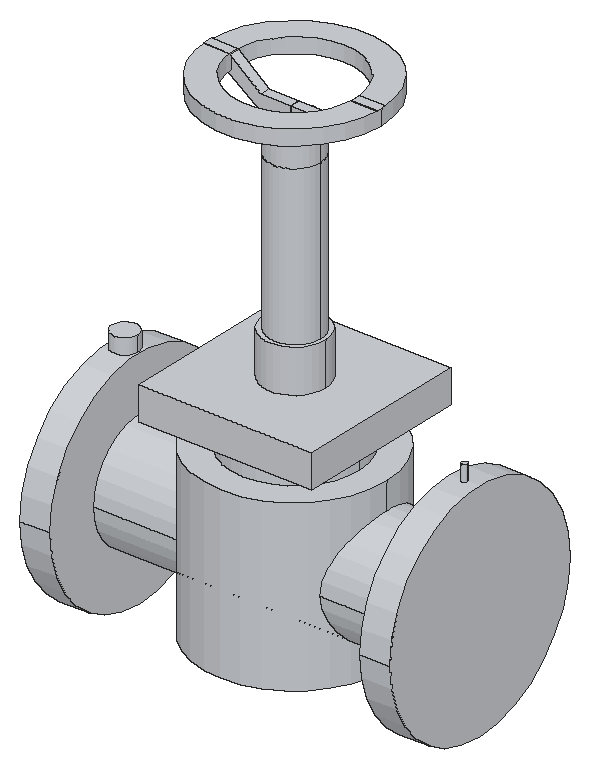
Revit family "Sigma_Compact_DN250-LF_PN16_RFA_2019", category Pipe Accessories, Revit 2019
Family settings
  Round Connector Dimension = Use Diameter
  Part Type = Valve - Breaks Into
  Work Plane-Based = No
  Always vertical = Yes
  Cut with Voids When Loaded = No
  Shared = No
Parameters (values of type "Sigma Compact DN 250 LF PN16")
  magiProductId = "6516628c9ce0481f89e5702e575104"
  magiProductFamilyId = "111bdfd32e424cd9a1e5f1ca7ea2b6"
  magiPartTypeId = 304
  isMeasuringValve [instance] = no
  ang2D [instance] = 0.00°
  W2D = 50 mm
  VersionID = "2.0/2018.12.13.2/FRESE_SIGMA_C_BIG_Q13_001"
  Use Minimum Symbol Size [instance] = no
  URL = "www.hydronix.cz"
  Type Comments = "přírubový; PN16; max dp=800kPa; 0~+110°C; max uzavírací tlak 1MPa"
  R4 = 127.75 mm
  R3 = 115.44 mm
  R1 = 182.5 mm
  QmdConnectorList = "301;D;302;D"
  Productdata [instance] = ""
  Manufacturer = "Hydronix"
  Maintenance Zone Under Depth [instance] = 100 mm
  Maintenance Zone Right Depth [instance] = 100 mm
  Maintenance Zone Over Depth [instance] = 100 mm
  Maintenance Zone Left Depth [instance] = 100 mm
  Maintenance Zone Front Depth [instance] = 100 mm
  Maintenance Zone Back Depth [instance] = 100 mm
  Maintenance Zone Front Visibility [instance] = no
  MC Use Limits From Balancing Method = no
  MC Throttling Minimum Value = 0
  MC Throttling Maximum Value = 0
  MC Product Code = "53-2407 DN250; PN16; (190000-475000 l/h); kvs=803"
  MC Pressure Drop Minimum Value = 0.0 Pa
  MC Pressure Drop Maximum Value = 0.0 Pa
  MC Piping Given Pressure Drop [instance] = 0.0 Pa
  LF__ve = -LF  # -58.4 mm
  LF2 = 29.2 mm
  LF = 58.4 mm
  L432 = 60.042 mm
  L43 = 120.085 mm
  L42 = 171.55 mm
  L4 = 343.1 mm
  L3 = 613.2 mm
  L2D_Min = 30.48 mm
  L2D = 230 mm
  L2 = 365 mm
  HH12 = 29 mm
  HH1 = 58 mm
  HDF__ve = -HDF  # -462 mm
  HDF = 462 mm
  H6 = 85 mm
  H4 = 66.6 mm
  H3 = 55.5 mm
  H2 = 166.5 mm
  H11 = 333 mm
  H1 = 1044 mm
  H = 906 mm
  Description = "Automatický vyvažovací ventil"
  DF2 = 222 mm
  D = 250 mm
  Clearance Zone Height Depth [instance] = 100 mm
  Clearance Zone Circular Radius [instance] = 365 mm
  Clearance Zone Visibility [instance] = no
  CAT0 = yes
Types (9, lengths in mm): name | magiProductId | Type Comments | R4 | R3 | R1 | MC Product Code | LF__ve | LF2 | LF | L432 | L43 | L42 | L4 | L3 | L2 | HH12 | HH1 | HDF__ve | HDF | H4 | H3 | H2 | H11 | H1 | H | DF2 | D | Clearance Zone Circular Radius
  Sigma Compact DN 050 LF PN16 | "7ce002c265594233b83d195dc264f1" | "přírubový; PN16; max dp=800kPa; 0~+120°C; max uzavírací tlak 1MPa" | 40.25 | 42.9 | 57.5 | "53-2400 DN50; PN16; (2480-15000 l/h); kvs=34" | -18.4 | 9.2 | 18.4 | 18.917 | 37.835 | 54.05 | 108.1 | 193.2 | 115 | 16.5 | 33 | -202 | 202 | 24.75 | 20.625 | 61.875 | 123.75 | 480 | 367 | 82.5 | 50 | 115
  Sigma Compact DN 065 LF PN16 | "7b440009bc83499eb1c9a6fd3b4fee" | "přírubový; PN16; max dp=800kPa; 0~+120°C; max uzavírací tlak 1MPa" | 50.75 | 48.1 | 72.5 | "53-2401 DN65; PN16; (4380-25000 l/h); kvs=50" | -23.2 | 11.6 | 23.2 | 23.853 | 47.705 | 68.15 | 136.3 | 243.6 | 145 | 16.5 | 33 | -199 | 199 | 27.75 | 23.125 | 69.375 | 138.75 | 497 | 384 | 92.5 | 65 | 145
  Sigma Compact DN 080 LF PN16 | "c04670cd33374e61a046fccc79a79b" | "přírubový; PN16; max dp=800kPa; 0~+120°C; max uzavírací tlak 1MPa" | 54.25 | 52 | 77.5 | "53-2402 DN80; PN16; (5340-34000 l/h); kvs=68" | -24.8 | 12.4 | 24.8 | 25.497 | 50.995 | 72.85 | 145.7 | 260.4 | 155 | 16.5 | 33 | -213 | 213 | 30 | 25 | 75 | 150 | 526 | 413 | 100 | 80 | 155
  Sigma Compact DN 100 LF PN16 | "e9669c3b3cb042d39f52f9a3f8394b" | "přírubový; PN16; max dp=800kPa; 0~+120°C; max uzavírací tlak 1MPa" | 61.25 | 61.1 | 87.5 | "53-2403 DN100; PN16; (12100-68000 l/h); kvs=115" | -28 | 14 | 28 | 28.788 | 57.575 | 82.25 | 164.5 | 294 | 175 | 34 | 68 | -331 | 331 | 35.25 | 29.375 | 88.125 | 176.25 | 714 | 566 | 117.5 | 100 | 175
  Sigma Compact DN 125 LF PN16 | "72414964175c4f3999d5daaa67221e" | "přírubový; PN16; max dp=800kPa; 0~+120°C; max uzavírací tlak 1MPa" | 70 | 70.2 | 100 | "53-2404 DN125; PN16; (18500-110000 l/h); kvs=186" | -32 | 16 | 32 | 32.9 | 65.8 | 94 | 188 | 336 | 200 | 36.5 | 73 | -338 | 338 | 40.5 | 33.75 | 101.25 | 202.5 | 761 | 608 | 135 | 125 | 200
  Sigma Compact DN 150 LF PN16 | "cb5ac98de80a46389b4a96eb8539c2" | "přírubový; PN16; max dp=800kPa; 0~+110°C; max uzavírací tlak 1MPa" | 84 | 74.1 | 120 | "53-2405 DN150; PN16; (25600-148000 l/h); kvs=250" | -38.4 | 19.2 | 38.4 | 39.48 | 78.96 | 112.8 | 225.6 | 403.2 | 240 | 13 | 26 | -391 | 391 | 42.75 | 35.625 | 106.875 | 213.75 | 782 | 676 | 142.5 | 150 | 240
  Sigma Compact DN 200 LF PN16 | "bd9983fcf82240be8b5626661ef83b" | "přírubový; PN16; max dp=800kPa; 0~+110°C; max uzavírací tlak 1MPa" | 105 | 98.8 | 150 | "53-2406 DN200; PN16; (95000-210000 l/h); kvs=371" | -48 | 24 | 48 | 49.35 | 98.7 | 141 | 282 | 504 | 300 | 29.5 | 59 | -334 | 334 | 57 | 47.5 | 142.5 | 285 | 853 | 714 | 190 | 200 | 300
  Sigma Compact DN 250 LF PN16 | "6516628c9ce0481f89e5702e575104" | "přírubový; PN16; max dp=800kPa; 0~+110°C; max uzavírací tlak 1MPa" | 127.75 | 115.44 | 182.5 | "53-2407 DN250; PN16; (190000-475000 l/h); kvs=803" | -58.4 | 29.2 | 58.4 | 60.042 | 120.085 | 171.55 | 343.1 | 613.2 | 365 | 29 | 58 | -462 | 462 | 66.6 | 55.5 | 166.5 | 333 | 1044 | 906 | 222 | 250 | 365
  Sigma Compact DN 300 LF PN16 | "f16ecb3a8ad443e99405ecd1e4779a" | "přírubový; PN16; max dp=800kPa; 0~+110°C; max uzavírací tlak 1MPa" | 148.75 | 135.2 | 212.5 | "53-2408 DN300; PN16; (190000-475000 l/h); kvs=803" | -68 | 34 | 68 | 69.912 | 139.825 | 199.75 | 399.5 | 714 | 425 | 29 | 58 | -424 | 424 | 78 | 65 | 195 | 390 | 1082 | 944 | 260 | 300 | 425
Reference planes
  plane 1 "Center (Front/Back)": y = 0
  plane 2 "XYPLANE": z = 0
  plane 3 "Center (Left/Right)": x = 0
  plane 4 "298": y = -322
  plane 5 "297": y = 322
  plane 6 "296": y = -222
  plane 7 "295": y = 222
  plane 8 "294": z = -322
  plane 9 "293": z = 922
  plane 10 "292": x = -465
  plane 11 "291": x = 465
  plane 12 "290": z = 922
  plane 13 "256": y = -20
  plane 14 "254": z = 703
  plane 15 "253": z = 713
  plane 16 "252": x = -40
  plane 17 "251": x = -30
  plane 18 "250": x = 40
  plane 19 "249": x = 30
  plane 20 "247": z = 373.6
  plane 21 "244": z = 684
  plane 22 "243": x = 171.55
  plane 23 "242": x = 120.085
  plane 24 "241": x = 60.042
  plane 25 "240": y = -10
  plane 26 "238": x = -60.042
  plane 27 "237": x = -120.085
  plane 28 "236": z = 742
  plane 29 "235": z = 772
  plane 30 "234": x = -171.55
  plane 31 "225": z = 822
  plane 32 "224": z = -222
  plane 33 "157": x = 335.8
  plane 34 "156": x = -335.8
  plane 35 "155": z = 222
  plane 36 "154": z = 288.6
  plane 37 "153": z = 222
  plane 38 "152": z = 166.5
  plane 39 "151": x = -306.6
  plane 40 "150": z = -166.5
  plane 41 "149": x = 0
  plane 42 "148": y = 0
  plane 43 "147": z = 0
  plane 44 "146": x = -365
  plane 45 "145": x = 365
Forms (mm)
  Blend 1, solid, visible <- "Maintenance Zone Front Visibility"
    base sketch origin (-750, 0, 922) x (1, 0, 0) y (0, 1, 0)
      loop
        line (285, 322) -> (285, -322) -> (1215, -322) -> (1215, 322) -> (285, 322)
    top sketch origin (-750, 0, 922) x (1, 0, 0) y (0, 1, 0)
      loop
        line (285, 322) -> (285, -322) -> (1215, -322) -> (1215, 322) -> (285, 322)
    from 0 to -1244
  Blend 2, solid, visible <- "Clearance Zone Visibility"
    base sketch origin (-750, 0, 0) x (1, 0, 0) y (0, 1, 0)
      loop
        circle (750, 0) r 365
    top sketch origin (-750, 0, 0) x (1, 0, 0) y (0, 1, 0)
      loop
        circle (750, 0) r 365
    from 0 to 922
  Extrusion 3, solid
    sketch origin (-750, 0, 684) x (1, 0, 0) y (0, 1, 0)
      loop
        circle (750, 0) r 51.125
    from 0 to -462 <- "HDF__ve"
  Extrusion 4, solid
    sketch origin (-750, 0, 373.6) x (1, 0, 0) y (0, 1, 0)
      loop
        line (780, 20) -> (720, 20) -> (720, -20) -> (780, -20) -> (780, 20)
    from 0 to 25
  Extrusion 5, solid
    sketch origin (750, -20, 0) x (-1, 0, 0) y (0, 0, 1)
      loop
        line (790, 373.6) -> (790, 713) -> (710, 713) -> (710, 373.6) -> (720, 373.6) -> (720, 703) -> (780, 703) -> (780, 373.6) -> (790, 373.6)
    from 0 to 40
  Extrusion 6, solid
    sketch origin (-750, 0, 373.6) x (1, 0, 0) y (0, 1, 0)
      loop
        circle (750, 0) r 25
    from 0 to 30
  Extrusion 7, solid
    sketch origin (750, -10, 0) x (-1, 0, 0) y (0, 0, 1)
      loop
        line (870.085, 822) -> (810.042, 772) -> (750, 772) -> (750, 742) -> (810.042, 742) -> (921.55, 822) -> (870.085, 822)
    from 0 to 20
  Extrusion 8, solid
    sketch origin (750, -10, 0) x (-1, 0, 0) y (0, 0, 1)
      loop
        line (629.915, 822) -> (578.45, 822) -> (689.958, 742) -> (750, 742) -> (750, 772) -> (689.958, 772) -> (629.915, 822)
    from 0 to 20
  Extrusion 9, solid
    sketch origin (-750, 0, 684) x (1, 0, 0) y (0, 1, 0)
      loop
        circle (750, 0) r 51.125
    from 0 to 58 <- "HH1"
  Extrusion 10, solid
    sketch origin (-750, 0, 822) x (1, 0, 0) y (0, 1, 0)
      loop
        circle (750, 0) r 171.55
      loop
        circle (750, 0) r 120.085
    from 0 to -30
  Extrusion 11, solid, visible <- "CAT0"
    sketch origin (-750, 0, 222) x (1, 0, 0) y (0, 1, 0)
      loop
        circle (1085.8, 0) r 5.5
    from 0 to 30
  Extrusion 12, solid, visible <- "CAT0"
    sketch origin (-750, 0, 222) x (1, 0, 0) y (0, 1, 0)
      loop
        circle (414.2, 0) r 25.5
    from 0 to 30
  Extrusion 13, solid, visible <- "CAT0"
    sketch origin (-750, 0, 288.6) x (1, 0, 0) y (0, 1, 0)
      loop
        circle (750, 0) r 61.125
    from 0 to 85 <- "H6"
  Extrusion 14, solid, visible <- "CAT0"
    sketch origin (-750, 0, 222) x (1, 0, 0) y (0, 1, 0)
      loop
        line (921.55, 171.55) -> (578.45, 171.55) -> (578.45, -171.55) -> (921.55, -171.55) -> (921.55, 171.55)
    from 0 to 66.6 <- "H4"
  Extrusion 15, solid, visible <- "CAT0"
    sketch origin (-750, 0, 166.5) x (1, 0, 0) y (0, 1, 0)
      loop
        circle (750, 0) r 127.75
    from 0 to 55.5 <- "H3"
  Extrusion 16, solid, visible <- "CAT0"
    sketch origin (-306.6, -750, 0) x (0, 1, 0) y (0, 0, 1)
      loop
        circle (750, 0) r 115.44
    from 0 to 613.2 <- "L3"
  Extrusion 17, solid, visible <- "CAT0"
    sketch origin (-750, 0, -166.5) x (1, 0, 0) y (0, 1, 0)
      loop
        circle (750, 0) r 182.5
    from 0 to 333 <- "H11"
  Extrusion 18, solid, visible <- "CAT0"
    sketch origin (-365, -750, 0) x (0, 1, 0) y (0, 0, 1)
      loop
        circle (750, 0) r 222
    from 0 to 58.4 <- "LF"
  Extrusion 19, solid, visible <- "CAT0"
    sketch origin (365, -750, 0) x (0, 1, 0) y (0, 0, 1)
      loop
        circle (750, 0) r 222
    from 0 to -58.4 <- "LF__ve"
  Extrusion 20, solid, not visible
    sketch origin (-365, -750, 0) x (0, 1, 0) y (0, 0, 1)
      loop
        circle (750, 0) r 10
    from 0 to 10
  Extrusion 21, solid, not visible
    sketch origin (365, -750, 0) x (0, 1, 0) y (0, 0, 1)
      loop
        circle (750, 0) r 10
    from 0 to -10
Lines and regions (mm)
  reference lines, not visible
    curve 1: circle (2, 2, 0) r 1 normal (0, 0, 1)
  reference lines
    curve 2: circle (0, 0, 222) r 1 normal (0, 0, 1)
Dimensions and locks
  plane 1 "Center (Front/Back)" to curve 1 = 2 mm
  "Maintenance Zone Front Depth": plane 6 "296" to plane 4 "298"
  "Maintenance Zone Back Depth": plane 7 "295" to plane 5 "297"
  "DF2": plane 42 "148" to plane 6 "296"
  "DF2": plane 42 "148" to plane 7 "295"
  "Maintenance Zone Under Depth": plane 32 "224" to plane 8 "294"
  "Maintenance Zone Over Depth": plane 31 "225" to plane 9 "293"
  "Maintenance Zone Left Depth": plane 44 "146" to plane 10 "292"
  "Maintenance Zone Right Depth": plane 45 "145" to plane 11 "291"
  "Clearance Zone Height Depth": plane 31 "225" to plane 12 "290"
  locked: plane 25 "240" to plane 13 "256" at 10
  locked: plane 15 "253" to plane 14 "254" at 10
  "HH12": plane 21 "244" to plane 15 "253"
  locked: plane 17 "251" to plane 16 "252" at 10
  locked: plane 41 "149" to plane 17 "251" at 30
  locked: plane 19 "249" to plane 18 "250" at 10
  locked: plane 41 "149" to plane 19 "249" at 30
  "H6": plane 36 "154" to plane 20 "247"
  "H": plane 32 "224" to plane 21 "244"
  "L42": plane 41 "149" to plane 22 "243"
  "L43": plane 41 "149" to plane 23 "242"
  "L432": plane 41 "149" to plane 24 "241"
  locked: plane 42 "148" to plane 25 "240" at 10
  "L432": plane 41 "149" to plane 26 "238"
  "L43": plane 41 "149" to plane 27 "237"
  locked: plane 29 "235" to plane 28 "236" at 30
  locked: plane 31 "225" to plane 29 "235" at 50
  "L42": plane 41 "149" to plane 30 "234"
  "H1": plane 32 "224" to plane 31 "225"
  "DF2": plane 2 "XYPLANE" to plane 32 "224"
  "LF2": plane 45 "145" to plane 33 "157"
  "LF2": plane 44 "146" to plane 34 "156"
  "DF2": plane 2 "XYPLANE" to plane 35 "155"
  "H4": plane 37 "153" to plane 36 "154"
  "H3": plane 38 "152" to plane 37 "153"
  "H11": plane 40 "150" to plane 38 "152"
  "LF": plane 44 "146" to plane 39 "151"
  "H2": plane 2 "XYPLANE" to plane 40 "150"
  locked: plane 3 "Center (Left/Right)" to plane 41 "149"
  locked: plane 1 "Center (Front/Back)" to plane 42 "148"
  locked: plane 2 "XYPLANE" to plane 43 "147"
  "L2": plane 3 "Center (Left/Right)" to plane 44 "146"
  "L2": plane 3 "Center (Left/Right)" to plane 45 "145"
  Blend 1 sketch curve to Blend 1 sketch curve = 0 mm  (x16)
  Extrusion 4 sketch curve to Extrusion 4 sketch curve = 0 mm  (x8)
  Extrusion 5 sketch curve to Extrusion 5 sketch curve = 0 mm  (x16)
  Extrusion 7 sketch curve to Extrusion 7 sketch curve = 0 mm  (x12)
  Extrusion 8 sketch curve to Extrusion 8 sketch curve = 0 mm  (x12)
  equal spacing: Extrusion 14 sketch curve, curve 2, Extrusion 14 sketch curve  (x2)
  "L4": Extrusion 14 sketch curve to Extrusion 14 sketch curve  (x2)
  Extrusion 14 sketch curve to Extrusion 14 sketch curve = 0 mm  (x8)
  "Clearance Zone Circular Radius": radius of Blend 2 sketch curve  (x2)
  "L42": radius of Extrusion 10 sketch curve
  "L43": radius of Extrusion 10 sketch curve
  "R4": radius of Extrusion 15 sketch curve
  "R3": radius of Extrusion 16 sketch curve
  "R1": radius of Extrusion 17 sketch curve
  "DF2": radius of Extrusion 18 sketch curve
  "DF2": radius of Extrusion 19 sketch curve
  aligned and locked: level to plane 2 "XYPLANE"
  aligned and locked: Blend 1 sketch curve to plane 5 "297"  (x2)
  aligned and locked: plane 10 "292" to Blend 1 sketch curve  (x4)
  aligned and locked: plane 11 "291" to Blend 1 sketch curve  (x4)
  aligned and locked: plane 5 "297" to Blend 1 sketch curve  (x2)
  aligned and locked: plane 4 "298" to Blend 1 sketch curve  (x4)
  aligned and locked: Blend 1 to plane 8 "294"
  aligned and locked: plane 41 "149" to Blend 2 sketch curve  (x2)
  aligned and locked: plane 42 "148" to Blend 2 sketch curve  (x2)
  aligned and locked: plane 12 "290" to Blend 2
  aligned and locked: plane 41 "149" to Extrusion 3 sketch curve
  aligned and locked: plane 42 "148" to Extrusion 3 sketch curve
  aligned and locked: Extrusion 5 sketch curve to plane 16 "252"
  aligned and locked: plane 20 "247" to Extrusion 5 sketch curve  (x4)
  aligned and locked: plane 15 "253" to Extrusion 5 sketch curve  (x2)
  aligned and locked: plane 16 "252" to Extrusion 5 sketch curve
  aligned and locked: plane 18 "250" to Extrusion 5 sketch curve  (x2)
  aligned and locked: plane 19 "249" to Extrusion 5 sketch curve  (x2)
  aligned and locked: plane 14 "254" to Extrusion 5 sketch curve  (x2)
  aligned and locked: plane 17 "251" to Extrusion 5 sketch curve  (x2)
  aligned and locked: plane 41 "149" to Extrusion 6 sketch curve
  aligned and locked: plane 42 "148" to Extrusion 6 sketch curve
  aligned and locked: plane 27 "237" to Extrusion 7 sketch curve
  aligned and locked: plane 31 "225" to Extrusion 7 sketch curve  (x2)
  aligned and locked: plane 26 "238" to Extrusion 7 sketch curve  (x2)
  aligned and locked: plane 29 "235" to Extrusion 7 sketch curve  (x2)
  aligned and locked: plane 41 "149" to Extrusion 7 sketch curve  (x2)
  aligned and locked: plane 28 "236" to Extrusion 7 sketch curve  (x2)
  aligned and locked: plane 30 "234" to Extrusion 7 sketch curve
  aligned and locked: plane 23 "242" to Extrusion 8 sketch curve
  aligned and locked: plane 31 "225" to Extrusion 8 sketch curve  (x2)
  aligned and locked: plane 24 "241" to Extrusion 8 sketch curve  (x2)
  aligned and locked: plane 29 "235" to Extrusion 8 sketch curve  (x2)
  aligned and locked: plane 41 "149" to Extrusion 8 sketch curve  (x2)
  aligned and locked: plane 28 "236" to Extrusion 8 sketch curve  (x2)
  aligned and locked: plane 22 "243" to Extrusion 8 sketch curve
  aligned and locked: plane 41 "149" to Extrusion 9 sketch curve
  aligned and locked: plane 42 "148" to Extrusion 9 sketch curve
  aligned and locked: plane 41 "149" to Extrusion 10 sketch curve  (x2)
  aligned and locked: plane 42 "148" to Extrusion 10 sketch curve  (x2)
  aligned and locked: plane 33 "157" to Extrusion 11 sketch curve
  aligned and locked: plane 42 "148" to Extrusion 11 sketch curve
  aligned and locked: plane 34 "156" to Extrusion 12 sketch curve
  aligned and locked: plane 42 "148" to Extrusion 12 sketch curve
  aligned and locked: plane 41 "149" to Extrusion 13 sketch curve
  aligned and locked: plane 42 "148" to Extrusion 13 sketch curve
  aligned and locked: plane 41 "149" to curve 2
  aligned and locked: plane 42 "148" to curve 2
  aligned and locked: plane 41 "149" to Extrusion 15 sketch curve
  aligned and locked: plane 42 "148" to Extrusion 15 sketch curve
  aligned and locked: Extrusion 16 sketch curve to plane 42 "148"
  aligned and locked: plane 43 "147" to Extrusion 16 sketch curve
  aligned and locked: plane 41 "149" to Extrusion 17 sketch curve
  aligned and locked: plane 42 "148" to Extrusion 17 sketch curve
  aligned and locked: Extrusion 18 sketch curve to plane 42 "148"
  aligned and locked: plane 43 "147" to Extrusion 18 sketch curve
  aligned and locked: Extrusion 19 sketch curve to plane 42 "148"
  aligned and locked: plane 43 "147" to Extrusion 19 sketch curve
  aligned and locked: Extrusion 20 sketch curve to plane 42 "148"
  aligned and locked: plane 43 "147" to Extrusion 20 sketch curve
  aligned and locked: Extrusion 21 sketch curve to plane 42 "148"
  aligned and locked: plane 43 "147" to Extrusion 21 sketch curve
Automatic sketch dimensions
  plane 26 "238" to Extrusion 3 sketch curve = 8.917 mm
  Extrusion 4 sketch curve to plane 17 "251" = 0 mm
  Extrusion 4 sketch curve to plane 13 "256" = 0 mm
  Extrusion 4 sketch curve to plane 19 "249" = 0 mm
  Extrusion 4 sketch curve to plane 1 "Center (Front/Back)" = 20 mm
  plane 17 "251" to Extrusion 6 sketch curve = 5 mm
  plane 26 "238" to Extrusion 9 sketch curve = 8.917 mm
  Extrusion 11 sketch curve to plane 33 "157" = 5.5 mm
  plane 44 "146" to Extrusion 12 sketch curve = 3.7 mm
  Extrusion 13 sketch curve to plane 26 "238" = 1.083 mm
  Extrusion 20 sketch curve to plane 25 "240" = 0 mm
  Extrusion 21 sketch curve to plane 25 "240" = 0 mm
  plane 3 "Center (Left/Right)" to curve 1 = 2 mm
  Extrusion 14 sketch curve to plane 30 "234" = 0 mm
  plane 6 "296" to Extrusion 14 sketch curve = 50.45 mm
  radius of curve 2 = 1 mm
  radius of curve 1 = 1 mm
Connectors
  piping at (-365, 0, 0), diameter 250, driven by "D"
    settings: on Extrusion 20, index 1, connector inside diameter 609.6 mm, connector length 0 mm, flow factor 0, pipe flow 0.0 L/s, pressure drop 0.0 Pa, fitting loss kfactor 0, connector angle 0.00°, fixture units 0, engagement length 0 mm, angle of deflection 0.00°, flow configuration 0, flow direction 0, fitting loss method 0, system type 29, joint type 0, gender type 0, connector reference index 2, connector utility 0, adjustable connector no, is connector primary yes, connector description ""
  piping at (365, 0, 0), diameter 250, driven by "D"
    settings: on Extrusion 21, index 2, connector inside diameter 609.6 mm, connector length 0 mm, flow factor 0, pipe flow 0.0 L/s, pressure drop 0.0 Pa, fitting loss kfactor 0, connector angle 0.00°, fixture units 0, engagement length 0 mm, angle of deflection 0.00°, flow configuration 0, flow direction 0, fitting loss method 0, system type 29, joint type 0, gender type 0, connector reference index 1, connector utility 0, adjustable connector no, is connector primary no, connector description ""
